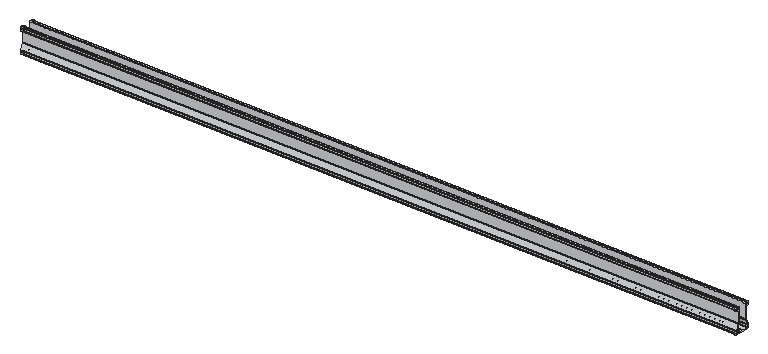
Revit family "33TSC4.00 20g Bottom Chord", category Structural Framing, Revit 2020
Family settings
  Section Shape = Not Defined
  Material for Model Behavior = Steel
  Always export as geometry = No
  OmniClass Number = 23.25.30.11.14.14
  OmniClass Title = Beams
  Always vertical = Yes
  Cut with Voids When Loaded = No
  Symbolic Representation = From Family
  Shared = No
  Show family pre-cut in plan views = Yes
Parameters
  Weight lbs per ft [instance] = 1.4924
  URL = "https://www.trussteel.com/details_files/pdf/ts008.pdf"
  Total Member Weight lbs [instance] = Length / 1' 0" * Weight lbs per ft  # 14.924
  Structural Material = ASTM A653 SS Grade 55 G90
  Steel Design Thickness (in) [instance] = 0.0346
  Model = "33TSC4.00"
  Manufacturer = "TrusSteel"
  Length [instance] = 10' - 0"
  Fy (ksi) [instance] = 55
  Fu (ksi) [instance] = 65
  Description = "Chord"
  Cross Section Area (in2) [instance] = 0.4389
  Beam Height = 0' - 4"
  Beam Width = 0' - 2 1/2"
Reference planes (in)
  plane 1 "Center (Front/Back)": y = 0
  plane 2 "Center El.": z = 0
  plane 3 "Center (Left/Right)": x = 0
  plane 4 "Left": x = -60
  plane 5 "Right": x = 60
Forms (in)
  Extrusion 1, solid
    sketch origin (0, 0, 0) x (0, 1, 0) y (0, 0, 1)
      loop
        line (0.8446, 3.9654) -> (1.1554, 3.9654)
        arc (1.1554, 3.9654) -> (1.19783, 3.94783) -> (1.2154, 3.9054) r 0.06
        line (1.2154, 3.9054) -> (1.2154, 3.5946)
        arc (1.2154, 3.5946) -> (1.19783, 3.55217) -> (1.1554, 3.5346) r 0.06
        line (1.1554, 3.5346) -> (1, 3.5346) -> (1, 3.5) -> (1.1554, 3.5)
        arc (1.1554, 3.5) -> (1.22229, 3.52771) -> (1.25, 3.5946) r 0.0946
        line (1.25, 3.5946) -> (1.25, 3.9054)
        arc (1.25, 3.9054) -> (1.22229, 3.97229) -> (1.1554, 4) r 0.0946
        line (1.1554, 4) -> (0.8446, 4)
        arc (0.8446, 4) -> (0.77771, 3.97229) -> (0.75, 3.9054) r 0.0946
        line (0.75, 3.9054) -> (0.75, 1.57746)
        arc (0.75, 1.57746) -> (0.75909, 1.49435) -> (0.78591, 1.41518) r 0.3846
        line (0.78591, 1.41518) -> (1.18272, 0.56257)
        arc (1.18272, 0.56257) -> (1.20713, 0.49051) -> (1.2154, 0.41489) r 0.35
        line (1.2154, 0.41489) -> (1.2154, 0.1286)
        arc (1.2154, 0.1286) -> (1.18787, 0.06213) -> (1.1214, 0.0346) r 0.094
        line (1.1214, 0.0346) -> (0.23958, 0.0346)
        arc (0.23958, 0.0346) -> (0.2072, 0.04254) -> (0.18217, 0.06456) r 0.07
        arc (0.18217, 0.06456) -> (0, 0.1596) -> (-0.18217, 0.06456) r 0.2221
        arc (-0.18217, 0.06456) -> (-0.2072, 0.04254) -> (-0.23958, 0.0346) r 0.07
        line (-0.23958, 0.0346) -> (-1.1214, 0.0346)
        arc (-1.1214, 0.0346) -> (-1.18787, 0.06213) -> (-1.2154, 0.1286) r 0.094
        line (-1.2154, 0.1286) -> (-1.2154, 0.41489)
        arc (-1.2154, 0.41489) -> (-1.20713, 0.49051) -> (-1.18272, 0.56257) r 0.35
        line (-1.18272, 0.56257) -> (-0.78591, 1.41518)
        arc (-0.78591, 1.41518) -> (-0.75909, 1.49435) -> (-0.75, 1.57746) r 0.3846
        line (-0.75, 1.57746) -> (-0.75, 3.9054)
        arc (-0.75, 3.9054) -> (-0.77771, 3.97229) -> (-0.8446, 4) r 0.0946
        line (-0.8446, 4) -> (-1.1554, 4)
        arc (-1.1554, 4) -> (-1.22229, 3.97229) -> (-1.25, 3.9054) r 0.0946
        line (-1.25, 3.9054) -> (-1.25, 3.5946)
        arc (-1.25, 3.5946) -> (-1.22229, 3.52771) -> (-1.1554, 3.5) r 0.0946
        line (-1.1554, 3.5) -> (-1, 3.5) -> (-1, 3.5346) -> (-1.1554, 3.5346)
        arc (-1.1554, 3.5346) -> (-1.19783, 3.55217) -> (-1.2154, 3.5946) r 0.06
        line (-1.2154, 3.5946) -> (-1.2154, 3.9054)
        arc (-1.2154, 3.9054) -> (-1.19783, 3.94783) -> (-1.1554, 3.9654) r 0.06
        line (-1.1554, 3.9654) -> (-0.8446, 3.9654)
        arc (-0.8446, 3.9654) -> (-0.80217, 3.94783) -> (-0.7846, 3.9054) r 0.06
        line (-0.7846, 3.9054) -> (-0.7846, 1.57746)
        arc (-0.7846, 1.57746) -> (-0.79287, 1.50183) -> (-0.81728, 1.42978) r 0.35
        line (-0.81728, 1.42978) -> (-1.21409, 0.57717)
        arc (-1.21409, 0.57717) -> (-1.24091, 0.49799) -> (-1.25, 0.41489) r 0.3846
        line (-1.25, 0.41489) -> (-1.25, 0.1286)
        arc (-1.25, 0.1286) -> (-1.21233, 0.03767) -> (-1.1214, 0) r 0.1286
        line (-1.1214, 0) -> (-0.23958, 0)
        arc (-0.23958, 0) -> (-0.1912, 0.01186) -> (-0.15379, 0.04476) r 0.1046
        arc (-0.15379, 0.04476) -> (0, 0.125) -> (0.15379, 0.04476) r 0.1875
        arc (0.15379, 0.04476) -> (0.1912, 0.01186) -> (0.23958, 0) r 0.1046
        line (0.23958, 0) -> (1.1214, 0)
        arc (1.1214, 0) -> (1.21233, 0.03767) -> (1.25, 0.1286) r 0.1286
        line (1.25, 0.1286) -> (1.25, 0.41489)
        arc (1.25, 0.41489) -> (1.24091, 0.49799) -> (1.21409, 0.57717) r 0.3846
        line (1.21409, 0.57717) -> (0.81728, 1.42978)
        arc (0.81728, 1.42978) -> (0.79287, 1.50183) -> (0.7846, 1.57746) r 0.35
        line (0.7846, 1.57746) -> (0.7846, 3.9054)
        arc (0.7846, 3.9054) -> (0.80217, 3.94783) -> (0.8446, 3.9654) r 0.06
    from -60 to 60
Dimensions and locks (in)
  equal spacing: plane 4 "Left", plane 3 "Center (Left/Right)", plane 5 "Right"
  "Length": plane 4 "Left" to plane 5 "Right"
  "Beam Width": Extrusion 1 to Extrusion 1
  "Beam Height": Extrusion 1 to Extrusion 1
  aligned and locked: level to plane 2 "Center El."
  aligned and locked: plane 4 "Left" to Extrusion 1
  aligned and locked: Extrusion 1 to plane 5 "Right"
Automatic sketch dimensions
  Extrusion 1 sketch curve to Extrusion 1 sketch curve = 0' - 0"  (x32)
  Extrusion 1 sketch curve to level = 0' - 0"  (x2)
  Extrusion 1 sketch curve to plane 1 "Center (Front/Back)" = 0' - 0"
  level to Extrusion 1 sketch curve = 0' - 0.1046"
  plane 1 "Center (Front/Back)" to Extrusion 1 sketch curve = 0' - 0.23958"
  plane 1 "Center (Front/Back)" to Extrusion 1 sketch curve = 0' - 0 3/4"
  Extrusion 1 sketch curve to Extrusion 1 sketch curve = 0' - 0.0346"  (x2)
  Extrusion 1 sketch curve to Extrusion 1 sketch curve = 0' - 0.00131"  (x2)
  Extrusion 1 sketch curve to Extrusion 1 sketch curve = 0' - 0.03137"  (x2)
  Extrusion 1 sketch curve to Extrusion 1 sketch curve = 0' - 0.06"  (x4)
  Extrusion 1 sketch curve to Extrusion 1 sketch curve = 0' - 0.62582"  (x2)
  Extrusion 1 sketch curve to Extrusion 1 sketch curve = 0' - 0.1554"  (x4)
  level to Extrusion 1 sketch curve = 0' - 0.0346"  (x2)
  Extrusion 1 sketch curve to Extrusion 1 sketch curve = 0' - 0.256"  (x2)
  Extrusion 1 sketch curve to Extrusion 1 sketch curve = 0' - 0.31732"  (x4)
  Extrusion 1 sketch curve to Extrusion 1 sketch curve = 0' - 0.3108"  (x2)
  level to Extrusion 1 sketch curve = 0' - 0.56257"  (x2)
  level to Extrusion 1 sketch curve = 0' - 0.57717"  (x2)
  Extrusion 1 sketch curve to Extrusion 1 sketch curve = 0' - 0.094"
  Extrusion 1 sketch curve to plane 1 "Center (Front/Back)" = 0' - 0.23958"
  Extrusion 1 sketch curve to plane 1 "Center (Front/Back)" = 0' - 0 3/4"
  Extrusion 1 sketch curve to Extrusion 1 sketch curve = 0' - 0.03268"
  Extrusion 1 sketch curve to level = 0' - 0 1/16"
  Extrusion 1 sketch curve to Extrusion 1 sketch curve = 0' - 0.07"
  Extrusion 1 sketch curve to Extrusion 1 sketch curve = 0' - 0.85261"  (x2)
  Extrusion 1 sketch curve to Extrusion 1 sketch curve = 0' - 1.92254"  (x2)
  Extrusion 1 sketch curve to Extrusion 1 sketch curve = 0' - 0.3708"  (x2)
